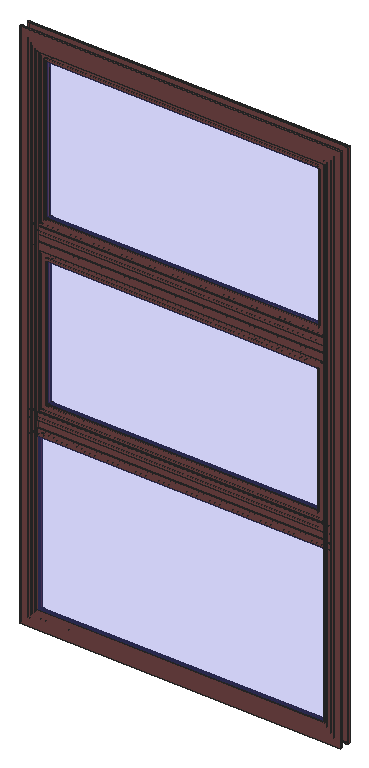
Revit family "PTT 615,618,915,918", category Windows, host Wall, Revit 2016
Family settings
  Host = Wall
  OmniClass Number = 23.30.20.00
  OmniClass Title = Windows
  Always vertical = Yes
  Cut with Voids When Loaded = No
  Shared = No
  Room Calculation Point = No
Parameters (values of type "PTT Type- 918")
  URL = "http://www.robmeg.co.za/"
  Top mulliion height = 500 mm
  Top hung = no
  Side hung = yes
  Rough Height = 1219.2 mm
  Plaster = 5 mm
  Model = "PTT 918"
  Manufacturer = "Robmeg"  # constant formula
  Description = "Anodized Aluminium"
  Bottom Mullion height = 500 mm
  Height = 1510 mm
  Glazing = Glass
  Default Sill Height = 914.4 mm
  Wall Closure = By host
  Width = 910 mm
  Bottom guide = 33.125 mm
  Bottom glass thickness = 6 mm
  Author = "Inside"
  Aluminium anodized = Aluminium
Types (5, lengths in mm): name | Top mulliion height | Model | Bottom Mullion height | Width | Bottom glass thickness
  (no name) | 500 | "PTT 918" | 500 | 910 | 6
  PTT type- 915 | 600 | "PTT 915" | 300 | 910 | 4
  PTT Type- 918 | 500 | "PTT 918" | 500 | 910 | 6
  PTT Type- 615 | 600 | "PTT 615" | 300 | 610 | 4
  PTT Type- 618 | 500 | "PTT 618" | 500 | 610 | 6
Reference planes
  plane 1 "Center (Front/Back)": y = 0
  plane 2: z = 0
  plane 3 "Center (Left/Right)": x = 0
  plane 4 "Left": x = -455
  plane 5 "Right": x = 455
  plane 6 "Sill": z = 914.4
  plane 7 "Top": z = 2424.4
  plane 8: x = -450
  plane 9: z = 2419.4
  plane 10: z = 919.4
  plane 11: x = 450
  plane 12 "Glass start": y = 1
  plane 13 "Glass end": y = -3
  plane 14: z = 1419.4
  plane 15: z = 952.525
  plane 16: x = -416.875
  plane 17: x = 416.875
  plane 18: z = 1919.4
Forms (mm)
  Sweep 1, solid, material "Aluminium" <- "Aluminium anodized"
    path origin (0, 0, 0) x (1, 0, 0) y (0, 0, 1)
      loop
        line (450, 2419.4) -> (-450, 2419.4) -> (-450, 919.4) -> (450, 919.4) -> (450, 2419.4)
    profile "51741 : 51741" origin (0, 0, 2419.4) x (0, 0, -1) y (0, -1, 0)
      loop
        line (26.815, -14.05) -> (20.535, -14.05) -> (20.535, -10.19) -> (21.815, -10.19) -> (21.815, -7.3) -> (19.535, -7.3) -> (19.535, -14.05) -> (1.135, -14.05) -> (1.135, -10.95)
        arc (1.135, -10.95) -> (0.286, -11.301) -> (-0.065, -12.15) r 1.2
        line (-0.065, -12.15) -> (-0.065, -15.25) -> (30.515, -15.25) -> (30.515, -12.384) -> (28.015, -13.827) -> (28.015, 14.05) -> (29.515, 14.05) -> (29.515, 11.75)
        arc (29.515, 11.75) -> (30.015, 11.25) -> (30.515, 11.75) r 0.5
        line (30.515, 11.75) -> (30.515, 14.05) -> (39.515, 14.05) -> (39.515, 11.65) -> (41.896, 11.65) -> (41.896, 12.85) -> (40.715, 12.85) -> (40.715, 14.05) -> (46.215, 14.05) -> (46.215, 12.85) -> (45.215, 12.85) -> (45.215, 11.65) -> (47.415, 11.65) -> (47.415, 15.25) -> (-0.065, 15.25) -> (-0.065, 12.15)
        arc (-0.065, 12.15) -> (0.334, 11.455) -> (1.135, 11.45) r 0.804
        line (1.135, 11.45) -> (1.135, 14.05) -> (19.535, 14.05) -> (19.535, 7.3) -> (21.815, 7.3) -> (21.815, 10.19) -> (20.535, 10.19) -> (20.535, 14.05) -> (26.815, 14.05) -> (26.815, -14.05)
  Sweep 2, solid, material "Aluminium" <- "Aluminium anodized"
    path origin (0, 0, 0) x (1, 0, 0) y (0, 0, 1)
      loop
        line (-450, 1919.4) -> (-450, 1419.4) -> (450, 1419.4) -> (450, 1919.4) -> (-450, 1919.4)
    profile "H10197 : H10197" origin (-450, 0, 1669.4) x (1, 0, 0) y (0, -1, 0)
      loop
        line (43.095, 8.408) -> (43.095, -19.692) -> (49.375, -19.692) -> (49.375, -14.812)
        arc (49.375, -14.812) -> (48.125, -13.562) -> (49.375, -12.312) r 1.25
        line (49.375, -12.312) -> (49.375, 1.008)
        arc (49.375, 1.008) -> (48.125, 2.258) -> (49.375, 3.508) r 1.25
        line (49.375, 3.508) -> (49.375, 8.408) -> (43.095, 8.408)
      loop
        line (41.895, 8.128) -> (41.895, -5.218) -> (41.895, -19.692) -> (40.495, -19.692) -> (40.495, -17.512)
        arc (40.495, -17.512) -> (39.995, -17.012) -> (39.495, -17.512) r 0.5
        line (39.495, -17.512) -> (39.495, -19.692) -> (30.495, -19.692) -> (30.495, -17.492) -> (28.345, -17.492)
        arc (28.345, -17.492) -> (27.845, -17.992) -> (28.345, -18.492) r 0.5
        line (28.345, -18.492) -> (29.295, -18.492) -> (29.295, -19.692) -> (23.795, -19.692) -> (23.795, -18.378) -> (24.706, -18.378)
        arc (24.706, -18.378) -> (25.206, -17.878) -> (24.706, -17.378) r 0.5
        line (24.706, -17.378) -> (23.784, -17.378)
        arc (23.784, -17.378) -> (23.137, -16.895) -> (22.595, -17.493) r 0.6
        line (22.595, -17.493) -> (22.595, -20.892) -> (53.175, -20.892) -> (53.175, -18.892)
        arc (53.175, -18.892) -> (51.875, -18.322) -> (50.575, -18.892) r 1.767
        line (50.575, -18.892) -> (50.575, -6.066) -> (50.575, 7.908)
        arc (50.575, 7.908) -> (51.375, 8.708) -> (52.175, 7.908) r 0.8
        line (52.175, 7.908) -> (52.175, 6.228)
        arc (52.175, 6.228) -> (52.675, 5.728) -> (53.175, 6.228) r 0.5
        line (53.175, 6.228) -> (53.175, 8.408) -> (62.175, 8.408) -> (62.175, 6.208) -> (64.325, 6.208)
        arc (64.325, 6.208) -> (64.825, 6.708) -> (64.325, 7.208) r 0.5
        line (64.325, 7.208) -> (63.375, 7.208) -> (63.375, 8.408) -> (68.875, 8.408) -> (68.875, 7.208) -> (67.925, 7.208)
        arc (67.925, 7.208) -> (67.425, 6.708) -> (67.925, 6.208) r 0.5
        line (67.925, 6.208) -> (68.875, 6.208)
        arc (68.875, 6.208) -> (69.474, 5.608) -> (70.075, 6.207) r 0.6
        line (70.075, 6.207) -> (70.075, 9.608) -> (39.495, 9.608) -> (39.495, 6.742) -> (41.895, 8.128)
  Sweep 3, solid, material "Aluminium" <- "Aluminium anodized"
    path origin (0, 0, 0) x (1, 0, 0) y (0, 0, 1)
      loop
        line (-450, 1919.4) -> (-450, 1419.4) -> (450, 1419.4) -> (450, 1919.4) -> (-450, 1919.4)
    profile "glazing gasket : glazing gasket" origin (-450, 0, 1669.4) x (1, 0, 0) y (0, -1, 0)
      loop
        line (53.254, -17.23) -> (53.254, -20.244) -> (69.855, -5.509)
        arc (69.855, -5.509) -> (69.76, -4.756) -> (69.092, -5.117) r 0.46
        line (69.092, -5.117) -> (67.564, -6.473) -> (66.198, -4.108) -> (65.274, -4.108) -> (66.736, -6.639) -> (61.74, -6.639) -> (63.22, -4.077) -> (51.988, -4.077) -> (51.988, 8.186) -> (51.188, 8.186) -> (51.188, -4.877) -> (61.834, -4.877) -> (60.355, -7.439) -> (66.475, -7.439) -> (54.054, -18.464) -> (54.054, -15.845) -> (50.954, -17.634) -> (50.954, -18.558) -> (53.254, -17.23)
  Extrusion 4, solid, material "Glass" <- "Glazing"
    sketch origin (0, 0, 914.4) x (0, -1, 0) y (1, 0, 0)
      loop
        line (-1, -395.946) -> (3, -395.946) -> (3, 395.946) -> (-1, 395.946) -> (-1, -395.946)
    from 559.054 to 950.946
  Sweep 5, solid, material "Aluminium" <- "Aluminium anodized"
    path origin (0, 0, 0) x (1, 0, 0) y (0, 0, 1)
      loop
        line (421.985, 1419.4) -> (-421.985, 1419.4)
    profile "H10196 : H10196" origin (0, 0, 1419.4) x (0, 0, -1) y (0, -1, 0)
      loop
        line (-6.462, -14.013) -> (-6.462, -3.983)
        arc (-6.462, -3.983) -> (-6.819, -3.344) -> (-7.55, -3.313) r 0.75
        arc (-7.55, -3.313) -> (-9.511, -3.642) -> (-11.315, -2.806) r 3.36
        arc (-11.315, -2.806) -> (-11.372, -1.69) -> (-10.256, -1.633) r 0.79
        arc (-10.256, -1.633) -> (-7.282, -0.313) -> (-10.256, 1.008) r 1.78
        arc (-10.256, 1.008) -> (-11.372, 1.065) -> (-11.315, 2.181) r 0.79
        arc (-11.315, 2.181) -> (-9.511, 3.017) -> (-7.55, 2.688) r 3.36
        arc (-7.55, 2.688) -> (-6.819, 2.719) -> (-6.462, 3.358) r 0.75
        line (-6.462, 3.358) -> (-6.462, 9.887) -> (-26.662, 9.887) -> (-26.662, 3.358)
        arc (-26.662, 3.358) -> (-26.306, 2.719) -> (-25.575, 2.688) r 0.75
        arc (-25.575, 2.688) -> (-23.614, 3.017) -> (-21.81, 2.181) r 3.36
        arc (-21.81, 2.181) -> (-21.753, 1.065) -> (-22.869, 1.008) r 0.79
        arc (-22.869, 1.008) -> (-25.842, -0.313) -> (-22.869, -1.633) r 1.78
        arc (-22.869, -1.633) -> (-21.753, -1.69) -> (-21.81, -2.806) r 0.79
        arc (-21.81, -2.806) -> (-23.733, -3.656) -> (-25.785, -3.197) r 3.36
        arc (-25.785, -3.197) -> (-26.533, -3.245) -> (-26.662, -3.983) r 0.606
        line (-26.662, -3.983) -> (-26.662, -14.013) -> (-6.462, -14.013)
      loop
        line (-2.562, -15.313) -> (-2.562, -12.446) -> (-5.162, -13.948) -> (-5.162, -2.363) -> (-5.962, -1.763) -> (-5.962, 1.137) -> (-5.162, 1.737) -> (-5.162, 13.387)
        arc (-5.162, 13.387) -> (-4.362, 13.888) -> (-3.562, 13.387) r 0.89
        line (-3.562, 13.387) -> (-3.562, 11.887)
        arc (-3.562, 11.887) -> (-3.062, 11.387) -> (-2.562, 11.887) r 0.5
        line (-2.562, 11.887) -> (-2.562, 13.887) -> (6.238, 13.887) -> (6.238, 11.839) -> (8.456, 11.839)
        arc (8.456, 11.839) -> (8.912, 12.247) -> (8.488, 12.687) r 0.425
        line (8.488, 12.687) -> (7.538, 12.687) -> (7.538, 13.887) -> (13.038, 13.887) -> (13.038, 12.687) -> (12.088, 12.687)
        arc (12.088, 12.687) -> (11.663, 12.262) -> (12.088, 11.837) r 0.425
        line (12.088, 11.837) -> (13.038, 11.837)
        arc (13.038, 11.837) -> (13.688, 11.187) -> (14.338, 11.837) r 0.65
        line (14.338, 11.837) -> (14.338, 15.187) -> (-6.462, 15.187) -> (-6.462, 11.187) -> (-26.662, 11.187) -> (-26.662, 15.187) -> (-47.462, 15.188) -> (-47.462, 11.838)
        arc (-47.462, 11.838) -> (-46.812, 11.187) -> (-46.162, 11.838) r 0.65
        line (-46.162, 11.838) -> (-45.212, 11.838)
        arc (-45.212, 11.838) -> (-44.787, 12.263) -> (-45.212, 12.688) r 0.425
        line (-45.212, 12.688) -> (-46.162, 12.688) -> (-46.162, 13.888) -> (-40.662, 13.888) -> (-40.662, 12.688) -> (-41.612, 12.688)
        arc (-41.612, 12.688) -> (-42.037, 12.247) -> (-41.581, 11.839) r 0.425
        line (-41.581, 11.839) -> (-39.362, 11.839) -> (-39.362, 13.888) -> (-30.562, 13.887) -> (-30.562, 11.887)
        arc (-30.562, 11.887) -> (-30.062, 11.387) -> (-29.562, 11.887) r 0.5
        line (-29.562, 11.887) -> (-29.562, 13.387)
        arc (-29.562, 13.387) -> (-28.762, 13.888) -> (-27.962, 13.387) r 0.89
        line (-27.962, 13.387) -> (-27.962, 1.737) -> (-27.162, 1.137) -> (-27.162, -1.563) -> (-27.962, -2.363) -> (-27.962, -13.948) -> (-30.562, -12.446) -> (-30.562, -15.313) -> (-2.562, -15.313)
  Sweep 6, solid, material "Aluminium" <- "Aluminium anodized"
    path origin (0, 0, 0) x (1, 0, 0) y (0, 0, 1)
      loop
        line (416.875, 1419.4) -> (-416.875, 1419.4) -> (-416.875, 952.525) -> (416.875, 952.525) -> (416.875, 1419.4)
    profile "glazing gasket : glazing gasket" origin (0, 0, 1419.4) x (0, 0, -1) y (0, -1, 0)
      loop
        line (-2.459, -12.107) -> (-2.459, -15.12) -> (14.142, -0.386)
        arc (14.142, -0.386) -> (14.047, 0.368) -> (13.379, 0.007) r 0.46
        line (13.379, 0.007) -> (11.851, -1.35) -> (10.485, 1.016) -> (9.561, 1.016) -> (11.023, -1.516) -> (6.027, -1.516) -> (7.507, 1.047) -> (-3.725, 1.047) -> (-3.725, 13.309) -> (-4.525, 13.309) -> (-4.525, 0.247) -> (6.121, 0.247) -> (4.642, -2.316) -> (10.762, -2.316) -> (-1.659, -13.341) -> (-1.659, -10.721) -> (-4.759, -12.511) -> (-4.759, -13.435) -> (-2.459, -12.107)
  Extrusion 7, solid, material "Glass" <- "Glazing"
    sketch origin (542.281, 228.6, 1419.4) x (1, 0, 0) y (0, 1, 0)
      loop
        line (-960.815, -231.6) -> (-960.815, -237.6) -> (-123.746, -237.6) -> (-123.746, -231.6) -> (-960.815, -231.6)
    from -468.534 to 1.659
  Sweep 8, solid, material "Aluminium" <- "Aluminium anodized"
    path origin (0, 0, 0) x (1, 0, 0) y (0, 0, 1)
      loop
        line (421.985, 1919.4) -> (-421.985, 1919.4)
    profile "H10196 : H10196" origin (0, 0, 1919.4) x (0, 0, -1) y (0, -1, 0)
      loop
        line (6.395, -15.622) -> (26.595, -15.622) -> (26.595, -5.592)
        arc (26.595, -5.592) -> (26.465, -4.855) -> (25.718, -4.807) r 0.606
        arc (25.718, -4.807) -> (23.665, -5.266) -> (21.742, -4.415) r 3.36
        arc (21.742, -4.415) -> (21.686, -3.3) -> (22.801, -3.243) r 0.79
        arc (22.801, -3.243) -> (25.775, -1.922) -> (22.801, -0.602) r 1.78
        arc (22.801, -0.602) -> (21.686, -0.545) -> (21.742, 0.571) r 0.79
        arc (21.742, 0.571) -> (23.546, 1.408) -> (25.507, 1.078) r 3.36
        arc (25.507, 1.078) -> (26.238, 1.109) -> (26.595, 1.748) r 0.75
        line (26.595, 1.748) -> (26.595, 8.278) -> (6.395, 8.278) -> (6.395, 1.748)
        arc (6.395, 1.748) -> (6.752, 1.109) -> (7.482, 1.078) r 0.75
        arc (7.482, 1.078) -> (9.443, 1.408) -> (11.247, 0.571) r 3.36
        arc (11.247, 0.571) -> (11.304, -0.545) -> (10.188, -0.602) r 0.79
        arc (10.188, -0.602) -> (7.215, -1.922) -> (10.188, -3.243) r 1.78
        arc (10.188, -3.243) -> (11.304, -3.3) -> (11.247, -4.415) r 0.79
        arc (11.247, -4.415) -> (9.443, -5.252) -> (7.482, -4.923) r 3.36
        arc (7.482, -4.923) -> (6.752, -4.954) -> (6.395, -5.592) r 0.75
        line (6.395, -5.592) -> (6.395, -15.622)
      loop
        line (2.495, -16.922) -> (30.495, -16.922) -> (30.495, -14.056) -> (27.895, -15.557) -> (27.895, -3.972) -> (27.095, -3.172) -> (27.095, -0.472) -> (27.895, 0.128) -> (27.895, 11.778)
        arc (27.895, 11.778) -> (28.695, 12.278) -> (29.495, 11.778) r 0.89
        line (29.495, 11.778) -> (29.495, 10.278)
        arc (29.495, 10.278) -> (29.995, 9.778) -> (30.495, 10.278) r 0.5
        line (30.495, 10.278) -> (30.495, 12.278) -> (39.295, 12.278) -> (39.295, 10.229) -> (41.513, 10.229)
        arc (41.513, 10.229) -> (41.969, 10.637) -> (41.545, 11.078) r 0.425
        line (41.545, 11.078) -> (40.595, 11.078) -> (40.595, 12.278) -> (46.095, 12.278) -> (46.095, 11.078) -> (45.145, 11.078)
        arc (45.145, 11.078) -> (44.72, 10.653) -> (45.145, 10.228) r 0.425
        line (45.145, 10.228) -> (46.095, 10.228)
        arc (46.095, 10.228) -> (46.745, 9.578) -> (47.395, 10.228) r 0.65
        line (47.395, 10.228) -> (47.395, 13.578) -> (26.595, 13.578) -> (26.595, 9.578) -> (6.395, 9.578) -> (6.395, 13.578) -> (-14.405, 13.578) -> (-14.405, 10.228)
        arc (-14.405, 10.228) -> (-13.755, 9.578) -> (-13.105, 10.228) r 0.65
        line (-13.105, 10.228) -> (-12.155, 10.228)
        arc (-12.155, 10.228) -> (-11.73, 10.653) -> (-12.155, 11.078) r 0.425
        line (-12.155, 11.078) -> (-13.105, 11.078) -> (-13.105, 12.278) -> (-7.605, 12.278) -> (-7.605, 11.078) -> (-8.555, 11.078)
        arc (-8.555, 11.078) -> (-8.98, 10.637) -> (-8.524, 10.229) r 0.425
        line (-8.524, 10.229) -> (-6.305, 10.229) -> (-6.305, 12.278) -> (2.495, 12.278) -> (2.495, 10.278)
        arc (2.495, 10.278) -> (2.995, 9.778) -> (3.495, 10.278) r 0.5
        line (3.495, 10.278) -> (3.495, 11.778)
        arc (3.495, 11.778) -> (4.295, 12.278) -> (5.095, 11.778) r 0.89
        line (5.095, 11.778) -> (5.095, 0.128) -> (5.895, -0.472) -> (5.895, -3.372) -> (5.095, -3.972) -> (5.095, -15.557) -> (2.495, -14.056) -> (2.495, -16.922)
  Sweep 9, solid, material "Aluminium" <- "Aluminium anodized"
    path origin (0, 0, 0) x (1, 0, 0) y (0, 0, 1)
      loop
        line (419.485, 1919.4) -> (419.485, 2388.885) -> (-419.485, 2388.885) -> (-419.485, 1919.4) -> (419.485, 1919.4)
    profile "H10197 : H10197" origin (0, 0, 1919.4) x (0, 0, -1) y (0, -1, 0)
      loop
        line (-10.06, 8.325) -> (-16.34, 8.325) -> (-16.34, 3.425)
        arc (-16.34, 3.425) -> (-15.09, 2.175) -> (-16.34, 0.925) r 1.25
        line (-16.34, 0.925) -> (-16.34, -12.395)
        arc (-16.34, -12.395) -> (-15.09, -13.645) -> (-16.34, -14.895) r 1.25
        line (-16.34, -14.895) -> (-16.34, -19.775) -> (-10.06, -19.775) -> (-10.06, 8.325)
      loop
        line (-8.86, 8.044) -> (-6.46, 6.659) -> (-6.46, 9.525) -> (-37.04, 9.525) -> (-37.04, 6.124)
        arc (-37.04, 6.124) -> (-36.44, 5.525) -> (-35.84, 6.125) r 0.6
        line (-35.84, 6.125) -> (-34.89, 6.125)
        arc (-34.89, 6.125) -> (-34.39, 6.625) -> (-34.89, 7.125) r 0.5
        line (-34.89, 7.125) -> (-35.84, 7.125) -> (-35.84, 8.325) -> (-30.34, 8.325) -> (-30.34, 7.125) -> (-31.29, 7.125)
        arc (-31.29, 7.125) -> (-31.79, 6.625) -> (-31.29, 6.125) r 0.5
        line (-31.29, 6.125) -> (-29.14, 6.125) -> (-29.14, 8.325) -> (-20.14, 8.325) -> (-20.14, 6.145)
        arc (-20.14, 6.145) -> (-19.64, 5.645) -> (-19.14, 6.145) r 0.5
        line (-19.14, 6.145) -> (-19.14, 7.825)
        arc (-19.14, 7.825) -> (-18.34, 8.625) -> (-17.54, 7.825) r 0.8
        line (-17.54, 7.825) -> (-17.54, -6.15) -> (-17.54, -18.975)
        arc (-17.54, -18.975) -> (-18.84, -18.405) -> (-20.14, -18.975) r 1.767
        line (-20.14, -18.975) -> (-20.14, -20.975) -> (10.44, -20.975) -> (10.44, -17.576)
        arc (10.44, -17.576) -> (9.898, -16.978) -> (9.251, -17.461) r 0.6
        line (9.251, -17.461) -> (8.329, -17.461)
        arc (8.329, -17.461) -> (7.829, -17.961) -> (8.329, -18.461) r 0.5
        line (8.329, -18.461) -> (9.24, -18.461) -> (9.24, -19.775) -> (3.74, -19.775) -> (3.74, -18.575) -> (4.69, -18.575)
        arc (4.69, -18.575) -> (5.19, -18.075) -> (4.69, -17.575) r 0.5
        line (4.69, -17.575) -> (2.54, -17.575) -> (2.54, -19.775) -> (-6.46, -19.775) -> (-6.46, -17.595)
        arc (-6.46, -17.595) -> (-6.96, -17.095) -> (-7.46, -17.595) r 0.5
        line (-7.46, -17.595) -> (-7.46, -19.775) -> (-8.86, -19.775) -> (-8.86, -5.301) -> (-8.86, 8.044)
  Sweep 10, solid, material "Aluminium" <- "Aluminium anodized"
    path origin (0, 0, 0) x (1, 0, 0) y (0, 0, 1)
      loop
        line (399.345, 1939.54) -> (399.345, 2368.745) -> (-399.345, 2368.745) -> (-399.345, 1939.54) -> (399.345, 1939.54)
    profile "glazing gasket : glazing gasket" origin (0, 0, 1939.54) x (0, 0, -1) y (0, -1, 0)
      loop
        line (-0.037, -17.146) -> (2.263, -18.474) -> (2.263, -17.55) -> (-0.837, -15.76) -> (-0.837, -18.38) -> (-13.258, -7.355) -> (-7.137, -7.355) -> (-8.617, -4.793) -> (2.029, -4.793) -> (2.029, 8.27) -> (1.229, 8.27) -> (1.229, -3.993) -> (-10.003, -3.993) -> (-8.523, -6.555) -> (-13.518, -6.555) -> (-12.057, -4.024) -> (-12.981, -4.024) -> (-14.346, -6.389) -> (-15.874, -5.033)
        arc (-15.874, -5.033) -> (-16.543, -4.672) -> (-16.638, -5.425) r 0.46
        line (-16.638, -5.425) -> (-0.037, -20.16) -> (-0.037, -17.146)
  Extrusion 11, solid, material "Glass" <- "Glazing"
    sketch origin (0, 0, 914.4) x (0, -1, 0) y (1, 0, 0)
      loop
        line (-1, 416.875) -> (-1, -416.875) -> (3, -416.875) -> (3, 416.875) -> (-1, 416.875)
    from 1025.977 to 1453.509
Lines and regions (mm)
  Opening 1
    outline origin (-1524, -76.2, 0) x (1, 0, 0) y (0, 0, 1)
      loop
        line (1069, 2424.4) -> (1069, 914.4) -> (1979, 914.4) -> (1979, 2424.4) -> (1069, 2424.4)
  symbolic lines, style "Elevation Swing", visible <- "Top hung"
    curve 1: line (427.405, 0, 1896.805) -> (0, 0, 1441.995)
    curve 2: line (0, 0, 1441.995) -> (-421.985, 0, 1896.599)
    curve 3: line (-429.946, 0, 2399.347) -> (0, 0, 1908.96)
    curve 4: line (429.925, 0, 2399.325) -> (0, 0, 1908.96)
Text (mm)
  text "EXTERIOR" at (-1490.695, 1293.036, 0), in view "Ref. Level"
  text "INTERIOR" at (-1490.695, -959.266, 0), in view "Ref. Level"
  text "Exterior" at (0, 1108.87, 3129.179), in view "Left"
  text "Exterior" at (0, 464.664, 3176.206), in view "Right"
Dimensions and locks
  equal spacing: plane 4 "Left", plane 3 "Center (Left/Right)", plane 5 "Right"
  "Width": plane 4 "Left" to plane 5 "Right"
  "Height": plane 6 "Sill" to plane 7 "Top"
  "Default Sill Height": plane 2 to plane 6 "Sill"
  "Plaster": plane 9 to plane 7 "Top"
  "Plaster": plane 6 "Sill" to plane 10
  "Plaster": plane 11 to plane 5 "Right"
  "Plaster": plane 4 "Left" to plane 8
  "Bottom Mullion height": plane 10 to plane 14
  "Bottom guide": plane 15 to plane 10
  "Bottom guide": plane 8 to plane 16
  "Bottom guide": plane 17 to plane 11
  "Bottom glass thickness": Extrusion 7 to plane 13 "Glass end"
  "Top mulliion height": plane 18 to plane 9
  aligned and locked: plane 7 "Top" to Opening 1 sketch curve
  aligned and locked: plane 6 "Sill" to Opening 1 sketch curve  (x2)
  aligned and locked: plane 5 "Right" to Opening 1 sketch curve
  aligned and locked: plane 4 "Left" to Opening 1 sketch curve
  aligned and locked: level to plane 2
  aligned and locked: plane 9 to Sweep 1 sketch curve
  aligned and locked: Sweep 1 sketch curve to plane 11
  aligned and locked: plane 10 to Sweep 1 sketch curve
  aligned and locked: Sweep 1 sketch curve to plane 8
  aligned and locked: plane 8 to Sweep 2 sketch curve
  aligned and locked: plane 11 to Sweep 2 sketch curve
  aligned and locked: plane 8 to Sweep 3 sketch curve
  aligned and locked: plane 11 to Sweep 3 sketch curve
  aligned and locked: plane 12 "Glass start" to Extrusion 4 sketch curve
  aligned and locked: Extrusion 4 sketch curve to plane 13 "Glass end"
  aligned and locked: Sweep 3 to Extrusion 4 sketch curve
  aligned and locked: Extrusion 4 sketch curve to Sweep 3
  aligned and locked: Sweep 3 to Extrusion 4
  aligned and locked: plane 14 to Sweep 5 sketch curve
  aligned and locked: plane 14 to Sweep 6 sketch curve
  aligned and locked: Sweep 1 to Sweep 5 sketch curve  (x2)
  aligned and locked: plane 14 to Sweep 2 sketch curve
  aligned and locked: plane 14 to Sweep 3 sketch curve
  aligned and locked: plane 15 to Sweep 6 sketch curve
  aligned and locked: plane 17 to Sweep 6 sketch curve
  aligned and locked: Sweep 6 sketch curve to plane 16
  aligned and locked: Extrusion 7 sketch curve to plane 13 "Glass end"
  aligned and locked: Sweep 6 to Extrusion 7 sketch curve
  aligned and locked: Extrusion 7 sketch curve to Sweep 6
  aligned and locked: Extrusion 4 to Sweep 3
  aligned and locked: Sweep 6 to Extrusion 7
  aligned and locked: plane 18 to Sweep 2 sketch curve
  aligned and locked: Sweep 3 sketch curve to plane 18
  aligned and locked: plane 18 to Sweep 8 sketch curve
  aligned and locked: Sweep 1 to Sweep 8 sketch curve  (x2)
  aligned and locked: plane 18 to Sweep 9 sketch curve
  aligned and locked: Sweep 1 to Sweep 9 sketch curve
  aligned and locked: Sweep 9 sketch curve to Sweep 1  (x2)
  aligned and locked: Sweep 10 sketch curve to Sweep 9  (x4)
  aligned and locked: Extrusion 11 sketch curve to plane 12 "Glass start"
  aligned and locked: plane 17 to Extrusion 11 sketch curve
  aligned and locked: plane 13 "Glass end" to Extrusion 11 sketch curve
  aligned and locked: Extrusion 11 sketch curve to plane 16
  aligned and locked: Extrusion 7 to Sweep 6
  aligned and locked: Sweep 10 to Extrusion 11
  aligned and locked: Extrusion 11 to Sweep 10
Automatic sketch dimensions
  Extrusion 7 sketch curve to plane 13 "Glass end" = 6 mm
  plane 8 to Sweep 2 sketch curve = 0 mm
  curve 2 to plane 3 "Center (Left/Right)" = 0 mm
  curve 3 to plane 3 "Center (Left/Right)" = 0 mm
  plane 14 to curve 1 = 22.595 mm
  plane 16 to curve 2 = 5.11 mm
  plane 16 to curve 3 = 13.071 mm
  curve 1 to plane 17 = 10.53 mm
  curve 4 to plane 17 = 13.05 mm
  curve 2 to plane 18 = 22.801 mm
  curve 1 to plane 18 = 22.595 mm
  curve 3 to plane 18 = 10.44 mm
  curve 4 to plane 9 = 20.075 mm
  curve 3 to plane 9 = 20.053 mm
